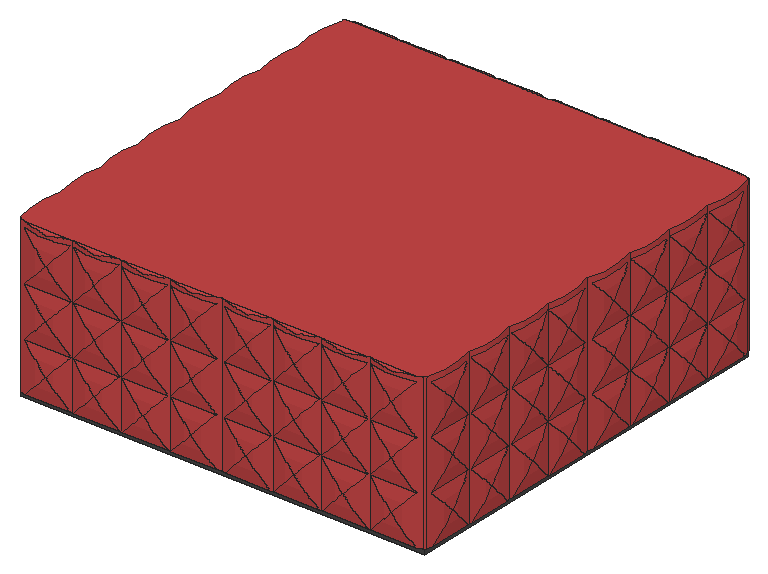
Revit family "Haworth_BuzziPouf_Square", category Furniture, Revit 2018
Family settings
  OmniClass Number = 23.40.70.14.64.21
  OmniClass Title = Systems Furniture
  Work Plane-Based = No
  Always vertical = Yes
  Cut with Voids When Loaded = No
  Shared = No
  Room Calculation Point = No
Parameters (values of type "HCBZ-PFPS-32")
  Warranty = "http://www.haworth.com/resources/product-info/warranties"
  Void Length Vertical = if(Flat, 2", 20.96094")  # 20.96094"
  Void = if(Flat, 2", 45.88672")  # 45.88672"
  Upholstery Finish [instance] = Haworth _ Fabric _ Trevira CS _ Berry BCS-4017
  URL - Product = "https://www.haworth.com/products/seating/acoustic-seating/buzzipouf"
  URL = "http://www.haworth.com/our-brands/haworth-collection"
  Size = "Verify Final Dim. w/ Haworth"  # constant formula
  Revision Number = "1"  # constant formula
  Model = "HCBZ-PFPS"  # constant formula
  Manufacturer = "Haworth"  # constant formula
  Flat = not([3D])  # no
  Description = "Haworth BuzziPouf 3D Square Pouf"
  Base Finish = Haworth _ Paint _ Black BTR-9005
  Author = "Haworth (Abd Rahman)"  # constant formula
  Assembly Code = "E2020200"
  Actual Width = Actual Depth  # 37"
  Actual Height = 14.96094"  # constant formula
  Actual Depth = if(Flat, 36.21875", 37")  # 37"
  3D = yes
Types (2): name | Void Length Vertical | Void | Flat | Description | Actual Width | Actual Depth | 3D
  HCBZ-PFPS-F2 | 2" | 2" | yes | "Haworth BuzziPouf Flat Square Pouf" | 36.21875" | 36.21875" | no
  HCBZ-PFPS-32 | 20.96094" | 45.88672" | no | "Haworth BuzziPouf 3D Square Pouf" | 37" | 37" | yes
Reference planes (in)
  plane 1: z = 0
  plane 2 "Top": z = 14.96094
  plane 3 "Left": x = -1.4203
  plane 4 "Right": x = 35.5797
  plane 5: x = 17.0797
  plane 6 "Back": y = 23.10968
  plane 7 "Front": y = -13.89032
  plane 8: y = 4.60968
  plane 9 "Base Bottom": z = 1.19001
  plane 10 "Glides": z = 0.74374
  plane 11 "Void 1 Top": z = 17.96094
  plane 12 "Void 1 Bottom": z = -3
  plane 13 "Bottom Top": z = 14.45826
  plane 14 "Void 2 L": x = -7.94992
  plane 15 "Void 2 R": x = 37.9368
  plane 16 "V3 l": y = 30.68248
  plane 17 "v3 R": y = -15.20424
  plane 18: x = 35.0797
  plane 19: y = -13.39032
  plane 20: x = -0.9203
  plane 21: y = 22.60968
Forms (in)
  Sweep 1, solid, material "Haworth _ Fabric _ Trevira CS _ Berry BCS-4017" <- "Upholstery Finish"
    path origin (0, 0, 0) x (1, 0, 0) y (0, 1, 0)
      loop
        line (-1.4203, 23.10968) -> (35.5797, 23.10968)
    profile origin (17.0797, 23.10968, 0) x (0, 1, 0) y (0, 0, 1)
      loop
        line (-0.25, 14.96094) -> (-36.75, 14.96094)
        arc (-36.75, 14.96094) -> (-36.92678, 14.88771) -> (-37, 14.71094) r 0.25
        line (-37, 14.71094) -> (-37, 1.19001) -> (0, 1.19001) -> (0, 14.71094)
        arc (0, 14.71094) -> (-0.07322, 14.88771) -> (-0.25, 14.96094) r 0.25
  Extrusion 2, solid, material "Haworth _ Paint _ Black BTR-9005" <- "Base Finish"
    sketch origin (0, 0, 0) x (1, 0, 0) y (0, 1, 0)
      loop
        line (-0.9203, 22.60968) -> (-0.9203, -13.39032) -> (35.0797, -13.39032) -> (35.0797, 22.60968) -> (-0.9203, 22.60968)
    from 0.74374 to 1.19001
  Revolve 3, solid, material "Haworth _ Paint _ Black BTR-9005" <- "Base Finish"
    sketch origin (0, -11.03342, 0) x (-1, 0, 0) y (0, 0, 1)
      loop
        line (-0.96594, 0) -> (-0.96594, 0.74374) -> (-2.08164, 0.74374)
        arc (-2.08164, 0.74374) -> (-2.01272, 0.25254) -> (-1.58582, 0) r 0.57183
        line (-1.58582, 0) -> (-0.96594, 0)
      axis (-0.96594, 0.74374) -> (-0.96594, 0)
    angle from 0 to 360
  Revolve 4, solid, material "Haworth _ Paint _ Black BTR-9005" <- "Base Finish"
    sketch origin (33.4094, -11.03342, 0) x (1, 0, 0) y (0, 0, -1)
      loop
        line (-0.96594, 0) -> (-1.58582, 0)
        arc (-1.58582, 0) -> (-2.01272, -0.25254) -> (-2.08164, -0.74374) r 0.57183
        line (-2.08164, -0.74374) -> (-0.96594, -0.74374) -> (-0.96594, 0)
      axis (-0.96594, -0.74374) -> (-0.96594, 0)
    angle from 0 to 360
  Revolve 5, solid, material "Haworth _ Paint _ Black BTR-9005" <- "Base Finish"
    sketch origin (0, 20.37778, 0) x (-1, 0, 0) y (0, 0, -1)
      loop
        line (-0.96594, 0) -> (-1.58582, 0)
        arc (-1.58582, 0) -> (-2.01272, -0.25254) -> (-2.08164, -0.74374) r 0.57183
        line (-2.08164, -0.74374) -> (-0.96594, -0.74374) -> (-0.96594, 0)
      axis (-0.96594, -0.74374) -> (-0.96594, 0)
    angle from 0 to 360
  Revolve 6, solid, material "Haworth _ Paint _ Black BTR-9005" <- "Base Finish"
    sketch origin (33.4094, 20.37778, 0) x (1, 0, 0) y (0, 0, 1)
      loop
        line (-0.96594, 0) -> (-0.96594, 0.74374) -> (-2.08164, 0.74374)
        arc (-2.08164, 0.74374) -> (-2.01272, 0.25254) -> (-1.58582, 0) r 0.57183
        line (-1.58582, 0) -> (-0.96594, 0)
      axis (-0.96594, 0.74374) -> (-0.96594, 0)
    angle from 0 to 360
  Extrusion 7, void
    sketch origin (0.29687, 0, 0) x (1, 0, 0) y (0, 1, 0)
      loop
        line (39.5797, -15.69152) -> (39.5797, 26.07432) -> (-4.4203, 26.07432) -> (-4.4203, -15.69152) -> (39.5797, -15.69152)
      loop
        arc (-1.42137, 17.86309) -> (-1.71148, 15.70411) -> (-1.4203, 13.54527) r 8.16355
        arc (-1.4203, 13.54527) -> (-1.71148, 11.3844) -> (-1.4203, 9.22354) r 8.16355
        arc (-1.4203, 9.22354) -> (-1.70982, 6.89781) -> (-1.32662, 4.58567) r 8.16355
        arc (-1.32662, 4.58567) -> (-1.70821, 2.33989) -> (-1.4544, 0.0761) r 8.16355
        arc (-1.4544, 0.0761) -> (-1.71059, -2.07701) -> (-1.39093, -4.22162) r 8.16355
        arc (-1.39093, -4.22162) -> (-1.71142, -6.45399) -> (-1.40887, -8.68887) r 8.16355
        arc (-1.40887, -8.68887) -> (-1.71091, -10.98788) -> (-1.35437, -13.27907) r 8.16355
        arc (-1.35437, -13.27907) -> (-1.27447, -13.41317) -> (-1.1416, -13.4951) r 0.32771
        arc (-1.1416, -13.4951) -> (1.18443, -13.88734) -> (3.5255, -13.59815) r 8.16355
        arc (3.5255, -13.59815) -> (5.69375, -13.88932) -> (7.86147, -13.59423) r 8.16355
        arc (7.86147, -13.59423) -> (10.02918, -13.88932) -> (12.19743, -13.59815) r 8.16355
        arc (12.19743, -13.59815) -> (14.49566, -13.88817) -> (16.78282, -13.52098) r 8.16355
        arc (16.78282, -13.52098) -> (19.06999, -13.88817) -> (21.36821, -13.59815) r 8.16355
        arc (21.36821, -13.59815) -> (23.53646, -13.88932) -> (25.70418, -13.59423) r 8.16355
        arc (25.70418, -13.59423) -> (27.87189, -13.88932) -> (30.04014, -13.59815) r 8.16355
        arc (30.04014, -13.59815) -> (32.38122, -13.88734) -> (34.70725, -13.4951) r 8.16355
        arc (34.70725, -13.4951) -> (34.84012, -13.41317) -> (34.92002, -13.27907) r 0.32771
        arc (34.92002, -13.27907) -> (35.27655, -10.98788) -> (34.97451, -8.68887) r 8.16355
        arc (34.97451, -8.68887) -> (35.27706, -6.45399) -> (34.95658, -4.22162) r 8.16355
        arc (34.95658, -4.22162) -> (35.27624, -2.07701) -> (35.02004, 0.0761) r 8.16355
        arc (35.02004, 0.0761) -> (35.27385, 2.33989) -> (34.89227, 4.58567) r 8.16355
        arc (34.89227, 4.58567) -> (35.27546, 6.89781) -> (34.98595, 9.22354) r 8.16355
        arc (34.98595, 9.22354) -> (35.27713, 11.3844) -> (34.98595, 13.54527) r 8.16355
        arc (34.98595, 13.54527) -> (35.27713, 15.70208) -> (34.98809, 17.85919) r 8.16355
        arc (34.98809, 17.85919) -> (35.27441, 20.22292) -> (34.86651, 22.56873) r 8.16355
        arc (34.86651, 22.56873) -> (34.81313, 22.65521) -> (34.72643, 22.70824) r 0.21875
        arc (34.72643, 22.70824) -> (32.3913, 23.10647) -> (30.04014, 22.81751) r 8.16355
        arc (30.04014, 22.81751) -> (27.87189, 23.10869) -> (25.70418, 22.81359) r 8.16355
        arc (25.70418, 22.81359) -> (23.53646, 23.10869) -> (21.36821, 22.81751) r 8.16355
        arc (21.36821, 22.81751) -> (19.06999, 23.10753) -> (16.78282, 22.74034) r 8.16355
        arc (16.78282, 22.74034) -> (14.49566, 23.10753) -> (12.19743, 22.81751) r 8.16355
        arc (12.19743, 22.81751) -> (10.02953, 23.10869) -> (7.86213, 22.81377) r 8.16355
        arc (7.86213, 22.81377) -> (5.69375, 23.10905) -> (3.52484, 22.81769) r 8.16355
        arc (3.52484, 22.81769) -> (1.17242, 23.10643) -> (-1.16379, 22.70726) r 8.16355
        arc (-1.16379, 22.70726) -> (-1.25049, 22.65416) -> (-1.30381, 22.56759) r 0.21866
        arc (-1.30381, 22.56759) -> (-1.70893, 20.224) -> (-1.42137, 17.86309) r 8.16355
    from -3 to 17.96094
  Extrusion 8, void
    sketch origin (0, -13.89032, 0) x (-1, 0, 0) y (0, 0, 1)
      loop
        line (1.16556, 1.19001) -> (7.94992, 1.19001) -> (7.94992, 14.45826) -> (1.15116, 14.45826)
        arc (1.15116, 14.45826) -> (1.41464, 12.23676) -> (1.15116, 10.01526) r 9.49696
        arc (1.15116, 10.01526) -> (1.41464, 7.79376) -> (1.15116, 5.57226) r 9.49696
        arc (1.15116, 5.57226) -> (1.41459, 3.38198) -> (1.16556, 1.19001) r 9.49696
    from -1.31392 to 44.5728
  Extrusion 9, void
    sketch origin (34.1594, -13.89032, 0) x (1, 0, 0) y (0, 0, -1)
      loop
        arc (1.16556, -1.19001) -> (1.41459, -3.38198) -> (1.15116, -5.57226) r 9.49696
        arc (1.15116, -5.57226) -> (1.41464, -7.79376) -> (1.15116, -10.01526) r 9.49696
        arc (1.15116, -10.01526) -> (1.41464, -12.23676) -> (1.15116, -14.45826) r 9.49696
        line (1.15116, -14.45826) -> (3.7774, -14.45826) -> (3.7774, -1.19001) -> (1.16556, -1.19001)
    from -1.31392 to 44.5728
  Extrusion 10, void
    sketch origin (0, 9.12592, 0) x (0, -1, 0) y (0, 0, 1)
      loop
        line (22.76633, 1.19001) -> (24.33015, 1.19001) -> (24.33015, 14.45826) -> (22.75192, 14.45826)
        arc (22.75192, 14.45826) -> (23.0154, 12.23676) -> (22.75192, 10.01526) r 9.49696
        arc (22.75192, 10.01526) -> (23.0154, 7.79376) -> (22.75192, 5.57226) r 9.49696
        arc (22.75192, 5.57226) -> (23.01535, 3.38198) -> (22.76633, 1.19001) r 9.49696
    from -37.9368 to 7.94992
  Extrusion 11, void
    sketch origin (0, 0.09344, 0) x (0, 1, 0) y (0, 0, -1)
      loop
        arc (22.76633, -1.19001) -> (23.01535, -3.38198) -> (22.75192, -5.57226) r 9.49696
        arc (22.75192, -5.57226) -> (23.0154, -7.79376) -> (22.75192, -10.01526) r 9.49696
        arc (22.75192, -10.01526) -> (23.0154, -12.23676) -> (22.75192, -14.45826) r 9.49696
        line (22.75192, -14.45826) -> (30.58904, -14.45826) -> (30.58904, -1.19001) -> (22.76633, -1.19001)
    from -37.9368 to 7.94992
Cuts and joins
  Extrusion 7, Extrusion 8, Extrusion 9, Extrusion 10, Extrusion 11 cuts Sweep 1
  joined: Extrusion 2, Revolve 3, Revolve 4, Revolve 5, Revolve 6
Lines and regions (in)
  Masking region 1, visible <- "Flat"
    outline origin (0, 0, 0) x (1, 0, 0) y (0, 1, 0)
      loop
        arc (-1.1703, 23.10968) -> (-1.34708, 23.03646) -> (-1.4203, 22.85968) r 0.25
        line (-1.4203, 22.85968) -> (-1.4203, -13.64032)
        arc (-1.4203, -13.64032) -> (-1.34708, -13.8171) -> (-1.1703, -13.89032) r 0.25
        line (-1.1703, -13.89032) -> (35.3297, -13.89032)
        arc (35.3297, -13.89032) -> (35.50647, -13.8171) -> (35.5797, -13.64032) r 0.25
        line (35.5797, -13.64032) -> (35.5797, 22.85968)
        arc (35.5797, 22.85968) -> (35.50647, 23.03646) -> (35.3297, 23.10968) r 0.25
        line (35.3297, 23.10968) -> (-1.1703, 23.10968)
  symbolic lines, visible <- "3D"
    curve 1: arc (-0.86692, 22.70726, 0) -> (1.4693, 23.10643, 0) -> (3.82171, 22.81769, 0) r 8.16355
    curve 2: arc (3.82171, 22.81769, 0) -> (5.99097, 23.10905, 0) -> (8.15967, 22.81359, 0) r 8.16355
    curve 3: arc (8.15967, 22.81359, 0) -> (10.31236, 23.10052, 0) -> (12.46453, 22.8097, 0) r 8.1632
    curve 4: arc (12.46453, 22.8097, 0) -> (14.79008, 23.09959, 0) -> (17.10217, 22.71687, 0) r 8.16389
    curve 5: arc (17.10217, 22.71687, 0) -> (19.34549, 23.09881, 0) -> (21.60708, 22.84672, 0) r 8.16389
    curve 6: arc (21.60708, 22.84672, 0) -> (23.76694, 23.10451, 0) -> (25.91819, 22.78276, 0) r 8.1632
    curve 7: arc (25.91819, 22.78276, 0) -> (28.1264, 23.10107, 0) -> (30.33833, 22.8097, 0) r 8.16389
    curve 8: arc (30.33833, 22.8097, 0) -> (32.71684, 23.09759, 0) -> (35.07648, 22.68256, 0) r 8.1632
    curve 9: arc (35.16338, 22.56873, 0) -> (35.57128, 20.22292, 0) -> (35.28496, 17.85919, 0) r 8.16355
    curve 10: arc (35.28496, 17.85919, 0) -> (35.574, 15.70208, 0) -> (35.28282, 13.54527, 0) r 8.16355
    curve 11: arc (35.28282, 13.54527, 0) -> (35.574, 11.3844, 0) -> (35.28282, 9.22354, 0) r 8.16355
    curve 12: arc (35.28282, 9.22354, 0) -> (35.57234, 6.89781, 0) -> (35.18914, 4.58567, 0) r 8.16355
    curve 13: arc (35.18914, 4.58567, 0) -> (35.57073, 2.33989, 0) -> (35.31692, 0.0761, 0) r 8.16355
    curve 14: arc (35.31692, 0.0761, 0) -> (35.57311, -2.07701, 0) -> (35.25345, -4.22162, 0) r 8.16355
    curve 15: arc (35.25345, -4.22162, 0) -> (35.57394, -6.45399, 0) -> (35.27139, -8.68887, 0) r 8.16355
    curve 16: arc (35.27139, -8.68887, 0) -> (35.57343, -10.98788, 0) -> (35.21689, -13.27907, 0) r 8.16355
    curve 17: arc (30.35125, -13.60204, 0) -> (28.12936, -13.89701, 0) -> (25.911, -13.57659, 0) r 8.16355
    curve 18: arc (25.911, -13.57659, 0) -> (23.76639, -13.89625, 0) -> (21.61328, -13.64006, 0) r 8.16355
    curve 19: arc (21.61328, -13.64006, 0) -> (19.34949, -13.89386, 0) -> (17.10371, -13.51228, 0) r 8.16355
    curve 20: arc (17.10371, -13.51228, 0) -> (14.79157, -13.89547, 0) -> (12.46584, -13.60596, 0) r 8.16355
    curve 21: arc (12.46584, -13.60596, 0) -> (10.30498, -13.89714, 0) -> (8.14411, -13.60596, 0) r 8.16355
    curve 22: arc (8.14411, -13.60596, 0) -> (5.97586, -13.89714, 0) -> (3.80815, -13.60204, 0) r 8.16355
    curve 23: arc (-1.11199, -8.68887, 0) -> (-1.41454, -6.45399, 0) -> (-1.09406, -4.22162, 0) r 8.16355
    curve 24: arc (-1.09406, -4.22162, 0) -> (-1.41372, -2.07701, 0) -> (-1.15752, 0.0761, 0) r 8.16355
    curve 25: arc (-1.15752, 0.0761, 0) -> (-1.41133, 2.33989, 0) -> (-1.02975, 4.58567, 0) r 8.16355
    curve 26: arc (-1.02975, 4.58567, 0) -> (-1.41294, 6.89781, 0) -> (-1.12343, 9.22354, 0) r 8.16355
    curve 27: arc (-1.12343, 9.22354, 0) -> (-1.41461, 11.3844, 0) -> (-1.12343, 13.54527, 0) r 8.16355
    curve 28: arc (-1.12343, 13.54527, 0) -> (-1.41461, 15.70411, 0) -> (-1.1245, 17.86309, 0) r 8.16355
    curve 29: arc (-1.1245, 17.86309, 0) -> (-1.41206, 20.224, 0) -> (-1.00693, 22.56759, 0) r 8.16355
    curve 30: arc (-1.00693, 22.56759, 0) -> (-0.95362, 22.65416, 0) -> (-0.86692, 22.70726, 0) r 0.21866
    curve 31: arc (35.07648, 22.68256, 0) -> (35.12951, 22.63296, 0) -> (35.16338, 22.56873, 0) r 0.21875
    curve 32: arc (35.21689, -13.27907, 0) -> (35.13699, -13.41317, 0) -> (35.00412, -13.4951, 0) r 0.32771
    curve 33: arc (35.00412, -13.4951, 0) -> (32.68547, -13.88717, 0) -> (30.35125, -13.60204, 0) r 8.16355
    curve 34: arc (-0.84473, -13.4951, 0) -> (-0.9776, -13.41317, 0) -> (-1.0575, -13.27907, 0) r 0.32771
    curve 35: arc (3.80815, -13.60204, 0) -> (1.47393, -13.88717, 0) -> (-0.84473, -13.4951, 0) r 8.16355
    curve 36: arc (-1.0575, -13.27907, 0) -> (-1.41403, -10.98788, 0) -> (-1.11199, -8.68887, 0) r 8.16355
Dimensions and locks (in)
  "Actual Height": plane 2 "Top" to level
  "Actual Width": plane 3 "Left" to plane 4 "Right"
  "Actual Depth": plane 6 "Back" to plane 7 "Front"
  equal spacing: plane 6 "Back", plane 8, plane 7 "Front"
  equal spacing: plane 3 "Left", plane 5, plane 4 "Right"
  plane 9 "Base Bottom" to plane 10 "Glides" to plane 1 = 0.44628" locked, 0.74374" locked
  "Void Length Vertical": plane 11 "Void 1 Top" to plane 12 "Void 1 Bottom"
  "Void": plane 14 "Void 2 L" to plane 15 "Void 2 R"
  "Void": plane 17 "v3 R" to plane 16 "V3 l"
  locked: plane 2 "Top" to plane 13 "Bottom Top" at 0.50268
  locked: plane 15 "Void 2 R" to Extrusion 7 sketch curve at 1.93978
  locked: Extrusion 7 sketch curve to plane 3 "Left" at 2.70312
  locked: plane 7 "Front" to Extrusion 7 sketch curve at 1.8012
  locked: plane 18 to plane 4 "Right" at 0.5
  locked: plane 21 to plane 6 "Back" at 0.5
  locked: plane 19 to plane 7 "Front" at 0.5
  locked: plane 3 "Left" to plane 20 at 0.5
  locked: Revolve 4 sketch curve to Revolve 4 sketch curve at 1.14281
  aligned and locked: Sweep 1 sketch curve to plane 6 "Back"  (x2)
  aligned and locked: plane 7 "Front" to Sweep 1 sketch curve
  aligned and locked: Sweep 1 sketch curve to plane 9 "Base Bottom"
  aligned and locked: plane 10 "Glides" to Extrusion 2
  aligned and locked: Extrusion 2 to plane 9 "Base Bottom"
  aligned and locked: Extrusion 7 to plane 11 "Void 1 Top"
  aligned and locked: Extrusion 7 to plane 12 "Void 1 Bottom"
  aligned and locked: Sweep 1 sketch curve to plane 2 "Top"
  aligned and locked: plane 14 "Void 2 L" to Extrusion 10
  aligned and locked: Extrusion 10 to plane 15 "Void 2 R"
  aligned and locked: Extrusion 11 to Extrusion 10  (x2)
  aligned and locked: plane 17 "v3 R" to Extrusion 9
  aligned and locked: Extrusion 9 to plane 16 "V3 l"
  aligned and locked: Extrusion 8 to Extrusion 9  (x2)
  aligned and locked: Extrusion 8 to plane 13 "Bottom Top"
  aligned and locked: Extrusion 8 to Sweep 1
  aligned and locked: Extrusion 10 to Extrusion 8
  aligned and locked: plane 9 "Base Bottom" to Extrusion 8
  aligned and locked: Extrusion 9 to plane 13 "Bottom Top"
  aligned and locked: Sweep 1 to Extrusion 9
  aligned and locked: Extrusion 10 to plane 13 "Bottom Top"
  aligned and locked: plane 9 "Base Bottom" to Extrusion 10
  aligned and locked: plane 9 "Base Bottom" to Extrusion 11
  aligned and locked: Extrusion 11 to plane 13 "Bottom Top"
  aligned and locked: Masking region 1 sketch curve to plane 6 "Back"
  aligned and locked: plane 3 "Left" to Masking region 1 sketch curve
  aligned and locked: plane 7 "Front" to Masking region 1 sketch curve
  aligned and locked: Masking region 1 sketch curve to plane 4 "Right"
  aligned and locked: curve 1 to cut or joined group of Sweep 1, Extrusion 7, Extrusion 8, Extrusion 9, Extrusion 10, Extrusion 11
  aligned and locked: curve 2 to cut or joined group of Sweep 1, Extrusion 7, Extrusion 8, Extrusion 9, Extrusion 10, Extrusion 11
  aligned and locked: curve 9 to cut or joined group of Sweep 1, Extrusion 7, Extrusion 8, Extrusion 9, Extrusion 10, Extrusion 11
  aligned and locked: curve 10 to cut or joined group of Sweep 1, Extrusion 7, Extrusion 8, Extrusion 9, Extrusion 10, Extrusion 11
  aligned and locked: curve 11 to cut or joined group of Sweep 1, Extrusion 7, Extrusion 8, Extrusion 9, Extrusion 10, Extrusion 11
  aligned and locked: curve 12 to cut or joined group of Sweep 1, Extrusion 7, Extrusion 8, Extrusion 9, Extrusion 10, Extrusion 11
  aligned and locked: curve 13 to cut or joined group of Sweep 1, Extrusion 7, Extrusion 8, Extrusion 9, Extrusion 10, Extrusion 11
  aligned and locked: curve 14 to cut or joined group of Sweep 1, Extrusion 7, Extrusion 8, Extrusion 9, Extrusion 10, Extrusion 11
  aligned and locked: curve 15 to cut or joined group of Sweep 1, Extrusion 7, Extrusion 8, Extrusion 9, Extrusion 10, Extrusion 11
  aligned and locked: curve 16 to cut or joined group of Sweep 1, Extrusion 7, Extrusion 8, Extrusion 9, Extrusion 10, Extrusion 11
  aligned and locked: curve 23 to cut or joined group of Sweep 1, Extrusion 7, Extrusion 8, Extrusion 9, Extrusion 10, Extrusion 11
  aligned and locked: curve 24 to cut or joined group of Sweep 1, Extrusion 7, Extrusion 8, Extrusion 9, Extrusion 10, Extrusion 11
  aligned and locked: curve 25 to cut or joined group of Sweep 1, Extrusion 7, Extrusion 8, Extrusion 9, Extrusion 10, Extrusion 11
  aligned and locked: curve 26 to cut or joined group of Sweep 1, Extrusion 7, Extrusion 8, Extrusion 9, Extrusion 10, Extrusion 11
  aligned and locked: curve 27 to cut or joined group of Sweep 1, Extrusion 7, Extrusion 8, Extrusion 9, Extrusion 10, Extrusion 11
  aligned and locked: curve 28 to cut or joined group of Sweep 1, Extrusion 7, Extrusion 8, Extrusion 9, Extrusion 10, Extrusion 11
  aligned and locked: curve 29 to cut or joined group of Sweep 1, Extrusion 7, Extrusion 8, Extrusion 9, Extrusion 10, Extrusion 11
  aligned and locked: Extrusion 2 sketch curve to plane 20
  aligned and locked: plane 19 to Extrusion 2 sketch curve
  aligned and locked: Extrusion 2 sketch curve to plane 18
  aligned and locked: plane 21 to Extrusion 2 sketch curve
  aligned and locked: cut or joined group of Extrusion 2, Revolve 3, Revolve 4, Revolve 5, Revolve 6 to plane 1  (x2)
  aligned and locked: plane 10 "Glides" to cut or joined group of Extrusion 2, Revolve 3, Revolve 4, Revolve 5, Revolve 6  (x3)
  aligned and locked: cut or joined group of Extrusion 2, Revolve 3, Revolve 4, Revolve 5, Revolve 6 to plane 10 "Glides"  (x2)
  aligned and locked: plane 1 to cut or joined group of Extrusion 2, Revolve 3, Revolve 4, Revolve 5, Revolve 6  (x2)
  aligned and locked: curve 30 to cut or joined group of Sweep 1, Extrusion 7, Extrusion 8, Extrusion 9, Extrusion 10, Extrusion 11
  aligned and locked: curve 31 to cut or joined group of Sweep 1, Extrusion 7, Extrusion 8, Extrusion 9, Extrusion 10, Extrusion 11
  aligned and locked: curve 32 to cut or joined group of Sweep 1, Extrusion 7, Extrusion 8, Extrusion 9, Extrusion 10, Extrusion 11
  aligned and locked: curve 33 to cut or joined group of Sweep 1, Extrusion 7, Extrusion 8, Extrusion 9, Extrusion 10, Extrusion 11
  aligned and locked: curve 34 to cut or joined group of Sweep 1, Extrusion 7, Extrusion 8, Extrusion 9, Extrusion 10, Extrusion 11
  aligned and locked: curve 35 to cut or joined group of Sweep 1, Extrusion 7, Extrusion 8, Extrusion 9, Extrusion 10, Extrusion 11
  aligned and locked: curve 36 to cut or joined group of Sweep 1, Extrusion 7, Extrusion 8, Extrusion 9, Extrusion 10, Extrusion 11
  aligned and locked: Extrusion 10 sketch curve to plane 17 "v3 R"
  aligned and locked: Extrusion 11 to Extrusion 8
  aligned and locked: Extrusion 9 sketch curve to plane 15 "Void 2 R"
  aligned and locked: Extrusion 8 to Extrusion 10
Automatic sketch dimensions
  Sweep 1 sketch curve to plane 3 "Left" = 0"
  Sweep 1 sketch curve to plane 4 "Right" = 0"
  Sweep 1 sketch curve to Sweep 1 sketch curve = 0.25"
  profile plane to Sweep 1 sketch curve = 0.25"
  Revolve 3 sketch curve to plane 10 "Glides" = 0"  (x2)
  Revolve 3 sketch curve to level = 0"  (x2)
  plane 3 "Left" to Revolve 3 sketch curve = 3.50194"
  Revolve 3 sketch curve to Revolve 3 sketch curve = 0.49582"
  plane 10 "Glides" to Revolve 3 sketch curve = 0.174"
  Revolve 3 sketch curve to Revolve 3 sketch curve = 0.61987"
  Revolve 3 sketch curve to Revolve 3 sketch curve = 0"
  Revolve 4 sketch curve to plane 10 "Glides" = 0"  (x2)
  Revolve 4 sketch curve to level = 0"  (x2)
  Revolve 4 sketch curve to plane 4 "Right" = 4.25194"
  Revolve 4 sketch curve to Revolve 4 sketch curve = 0.49582"
  plane 10 "Glides" to Revolve 4 sketch curve = 0.174"
  Revolve 4 sketch curve to Revolve 4 sketch curve = 0"
  Revolve 5 sketch curve to plane 10 "Glides" = 0"  (x2)
  Revolve 5 sketch curve to level = 0"  (x2)
  plane 3 "Left" to Revolve 5 sketch curve = 3.50194"
  Revolve 5 sketch curve to Revolve 5 sketch curve = 0.49582"
  plane 10 "Glides" to Revolve 5 sketch curve = 0.174"
  Revolve 5 sketch curve to Revolve 5 sketch curve = 0.61987"
  Revolve 5 sketch curve to Revolve 5 sketch curve = 0"
  Revolve 6 sketch curve to plane 10 "Glides" = 0"  (x2)
  Revolve 6 sketch curve to level = 0"  (x2)
  Revolve 6 sketch curve to plane 4 "Right" = 4.25194"
  Revolve 6 sketch curve to Revolve 6 sketch curve = 0.49582"
  plane 10 "Glides" to Revolve 6 sketch curve = 0.174"
  Revolve 6 sketch curve to Revolve 6 sketch curve = 0.61987"
  Revolve 6 sketch curve to Revolve 6 sketch curve = 0"
  Extrusion 8 sketch curve to plane 13 "Bottom Top" = 0"
  Extrusion 8 sketch curve to plane 9 "Base Bottom" = 0"
  Extrusion 8 sketch curve to plane 5 = 8.99738"
  Extrusion 8 sketch curve to plane 9 "Base Bottom" = 2.16075"
  Extrusion 8 sketch curve to Extrusion 8 sketch curve = 0"  (x2)
  plane 3 "Left" to Extrusion 8 sketch curve = 0.26914"  (x2)
  plane 3 "Left" to Extrusion 8 sketch curve = 0.25474"
  Extrusion 8 sketch curve to plane 3 "Left" = 6.52962"
  Extrusion 8 sketch curve to Extrusion 8 sketch curve = 4.443"  (x2)
  Extrusion 9 sketch curve to plane 13 "Bottom Top" = 0"
  Extrusion 9 sketch curve to plane 9 "Base Bottom" = 0"
  Extrusion 9 sketch curve to plane 5 = 8.99738"
  plane 9 "Base Bottom" to Extrusion 9 sketch curve = 2.16075"
  Extrusion 9 sketch curve to Extrusion 9 sketch curve = 0"  (x2)
  plane 4 "Right" to Extrusion 9 sketch curve = 0.26914"  (x2)
  plane 4 "Right" to Extrusion 9 sketch curve = 0.25474"
  Extrusion 9 sketch curve to Extrusion 9 sketch curve = 4.443"  (x2)
  plane 13 "Bottom Top" to Extrusion 10 sketch curve = 0"
  plane 9 "Base Bottom" to Extrusion 10 sketch curve = 0"
  Extrusion 10 sketch curve to plane 8 = 9.00221"
  Extrusion 10 sketch curve to plane 9 "Base Bottom" = 2.16075"
  Extrusion 10 sketch curve to Extrusion 10 sketch curve = 0"  (x2)
  plane 7 "Front" to Extrusion 10 sketch curve = 0.26431"  (x2)
  plane 7 "Front" to Extrusion 10 sketch curve = 0.24991"
  Extrusion 10 sketch curve to Extrusion 10 sketch curve = 4.443"  (x2)
  plane 13 "Bottom Top" to Extrusion 11 sketch curve = 0"
  plane 9 "Base Bottom" to Extrusion 11 sketch curve = 0"
  plane 8 to Extrusion 11 sketch curve = 9.00221"
  Extrusion 11 sketch curve to plane 9 "Base Bottom" = 2.16075"
  Extrusion 11 sketch curve to Extrusion 11 sketch curve = 0"  (x2)
  Extrusion 11 sketch curve to plane 6 "Back" = 0.26431"  (x2)
  Extrusion 11 sketch curve to plane 6 "Back" = 0.24991"
  plane 6 "Back" to Extrusion 11 sketch curve = 7.5728"
  Extrusion 11 sketch curve to Extrusion 11 sketch curve = 4.443"
  plane 13 "Bottom Top" to Extrusion 11 sketch curve = 2.2215"
  Masking region 1 sketch curve to Masking region 1 sketch curve = 0.25"  (x2)
  plane 3 "Left" to Masking region 1 sketch curve = 0.25"
  Masking region 1 sketch curve to plane 4 "Right" = 0.25"
  curve 28 to curve 3 = 3.55604"
  curve 4 to plane 5 = 2.45299"
  plane 5 to curve 5 = 2.50101"
  curve 10 to curve 7 = 0.76569"
  curve 8 to plane 18 = 2.58181"
  curve 3 to curve 28 = 0.7688"
  curve 7 to curve 10 = 0.7688"
  curve 3 to curve 4 = 0"
  curve 11 to curve 8 = 1.39206"
  curve 4 to curve 5 = 0.00098"
  curve 6 to curve 10 = 0.76392"
  curve 2 to plane 21 = 0.20391"
  curve 4 to plane 21 = 0.20002"
  plane 5 to curve 5 = 0.02248"
  curve 6 to plane 21 = 0.23704"
  curve 6 to plane 21 = 0.17308"
  curve 8 to plane 21 = 0.20002"
  curve 22 to curve 23 = 0.76569"
  curve 23 to curve 21 = 3.55604"
  curve 20 to plane 5 = 2.45299"
  plane 5 to curve 19 = 2.50101"
  curve 15 to curve 17 = 0.76569"
  curve 15 to curve 18 = 0.75318"
  curve 19 to curve 18 = 0"
  curve 20 to curve 19 = 0"
  curve 23 to curve 21 = 0.75318"
  curve 23 to curve 22 = 0.75318"
  curve 15 to curve 17 = 0.75318"
  curve 22 to plane 19 = 0.21172"
  curve 22 to plane 19 = 0.21564"
  curve 21 to plane 19 = 0.21564"
  plane 5 to curve 20 = 0.02401"
  curve 19 to plane 19 = 0.24974"
  curve 17 to plane 19 = 0.18627"
  Extrusion 7 sketch curve to plane 5 = 0"  (x2)
  Extrusion 7 sketch curve to plane 20 = 0.12111"
  Extrusion 7 sketch curve to plane 20 = 0.17619"
  Extrusion 7 sketch curve to plane 20 = 2.58181"  (x2)
  Extrusion 7 sketch curve to Extrusion 7 sketch curve = 4.32173"  (x6)
  Extrusion 7 sketch curve to Extrusion 7 sketch curve = 0.76569"  (x7)
  Extrusion 7 sketch curve to Extrusion 7 sketch curve = 0"  (x17)
  plane 8 to Extrusion 7 sketch curve = 2.45299"  (x2)
  Extrusion 7 sketch curve to Extrusion 7 sketch curve = 3.5845"  (x7)
  Extrusion 7 sketch curve to plane 5 = 2.42453"  (x2)
  plane 5 to Extrusion 7 sketch curve = 2.42453"  (x2)
  Extrusion 7 sketch curve to plane 18 = 2.58181"  (x2)
  Extrusion 7 sketch curve to plane 18 = 0.17619"
  Extrusion 7 sketch curve to plane 18 = 0.12406"
  plane 19 to Extrusion 7 sketch curve = 0.20711"  (x2)
  plane 19 to Extrusion 7 sketch curve = 2.49936"  (x2)
  Extrusion 7 sketch curve to Extrusion 7 sketch curve = 4.40419"  (x2)
  Extrusion 7 sketch curve to Extrusion 7 sketch curve = 0.76099"  (x7)
  plane 19 to Extrusion 7 sketch curve = 7.66454"
  Extrusion 7 sketch curve to Extrusion 7 sketch curve = 3.76931"  (x2)
  Extrusion 7 sketch curve to plane 8 = 2.50101"  (x2)
  Extrusion 7 sketch curve to Extrusion 7 sketch curve = 3.56111"
  Extrusion 7 sketch curve to Extrusion 7 sketch curve = 3.56074"  (x3)
  Extrusion 7 sketch curve to Extrusion 7 sketch curve = 0.00037"
  plane 21 to Extrusion 7 sketch curve = 7.66454"
  Extrusion 7 sketch curve to Extrusion 7 sketch curve = 0.76063"
  plane 21 to Extrusion 7 sketch curve = 2.59744"
  plane 21 to Extrusion 7 sketch curve = 2.58963"
  plane 21 to Extrusion 7 sketch curve = 0.10946"
  plane 21 to Extrusion 7 sketch curve = 0.11032"
  plane 6 "Back" to Extrusion 7 sketch curve = 2.96464"
  plane 20 to Extrusion 7 sketch curve = 0.23722"
  plane 20 to Extrusion 7 sketch curve = 0.2042"
  plane 20 to Extrusion 7 sketch curve = 0.20312"  (x2)
  plane 20 to Extrusion 7 sketch curve = 0.19169"
  plane 3 "Left" to Extrusion 7 sketch curve = 0.32625"
  Extrusion 7 sketch curve to Extrusion 7 sketch curve = 0.31338"
  Extrusion 7 sketch curve to plane 8 = 0.02401"  (x2)
  Extrusion 7 sketch curve to plane 19 = 0.20783"  (x4)
  Extrusion 7 sketch curve to plane 21 = 0.20801"
  Extrusion 7 sketch curve to plane 21 = 0.20409"
  Extrusion 7 sketch curve to plane 19 = 0.20391"  (x2)
  Extrusion 7 sketch curve to plane 21 = 0.20783"  (x3)
  Extrusion 7 sketch curve to plane 21 = 0.20391"
  plane 18 to Extrusion 7 sketch curve = 0.10945"
  plane 18 to Extrusion 7 sketch curve = 0.17375"
  plane 18 to Extrusion 7 sketch curve = 0.19169"
  plane 18 to Extrusion 7 sketch curve = 0.20313"
  Extrusion 7 sketch curve to plane 4 "Right" = 0.29687"
  curve 8 to plane 18 = 0.00322"
  curve 17 to plane 19 = 0.21172"
